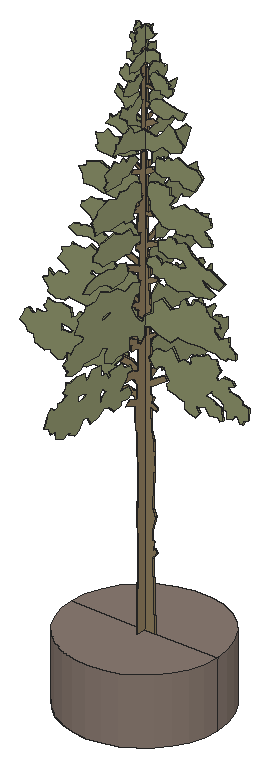
Revit family "L-PLT_소나무(장송)", category 수목, Revit 2019
Family settings
  OmniClass 번호 = 23.40.05.00
  OmniClass 제목 = Plants and Planting Products
  작업 기준면 기반 = 아니오
  항상 수직 = 예
  로드될 때 보이드를 사용하여 절단 = 아니오
  렌더 모양 소스 = 패밀리 형상
  공유 = 아니오
Parameters (values of type "소나무(장송) H10.0 X 60R")
  한국산업규격KS = ""
  콘 높이 = 뿌리분 직경 / 4  # 272.5 mm
  조달청표준공사코드-세부공종 = "10161599224940"
  뿌리분 직경 = (24 mm + ((R / 10) - 3 mm) * 5) * 10  # 1090 mm
  뿌리분 높이 = 뿌리분 직경 / 2  # 545 mm
  높이 = 10000 mm
  건설정보분류체계-부위분류 = "E985"
  R = 200 mm
  LIM_INFO_주의사항 = "재배포, 재가공, 판매 금지"
  LIM_INFO_제작일 = "20211210"
  LIM_INFO_버전 = "2022_V01"
  LIM_INFO_PL_학명 = "Pinus densiflora Siebold & Zucc."
  LIM_INFO_PL_품명 = "소나무(장송)"
  LIM_INFO_PL_주당인정수량 = 0
  LIM_INFO_PL_수목단위 = "주"
  LIM_INFO_PL_규격 = "H10.0 X 60R"
  LIM_INFO_PL_구분 = "상록교목"
  LIM_INFO_PL_가격 = 0
  LIM_INFO_PL_Qty [instance] = 0
  LIM_INFO_PL_M2당수량 = 0
  KBIMS_식별-버전 = ""
  KBIMS_식별-bSK등록번호 = ""
  KBIMS_보급정보-저작자 = "림인포테크_MMJ"
  KBIMS_보급정보-보급코드 = ""
  H = 높이  # 10000 mm
Types (4, lengths in mm): name | 높이 | LIM_INFO_PL_규격 | H
  소나무(장송) H10.0 X 60R | 10000 | "H10.0 X 60R" | 10000
  소나무(장송) H10.0 X 45R | 10000 | "H10.0 X 45R" | 10000
  소나무(장송) 9.0H X 35R | 9000 | "9.0H X 35R" | 9000
  소나무(장송) 8.0H X 25R | 8000 | "8.0H X 25R" | 8000
Reference planes
  plane 1 "중심(앞/뒤)": y = 0
  plane 2: z = 0
  plane 3 "중심(왼쪽/오른쪽)": x = 0
  plane 4: x = 482.5
  plane 5: x = -607.5
  plane 6: z = -545
  plane 7: z = -817.5
  plane 8: z = 10000
  plane 9: x = -100
  plane 10: x = 100
Forms (mm)
  Revolve 1, solid, material "흙"
    sketch origin (0, 0, 0) x (1, 0, 0) y (0, 0, 1)
      loop
        line (0, 0) -> (-607.5, 0) -> (-607.5, -545) -> (0, -545) -> (0, 0)
      axis (0, 0) -> (0, -545)
    angle from 0 to 360
  Revolve 2, solid, material "흙"
    sketch origin (0, 0, 0) x (1, 0, 0) y (0, 0, 1)
      loop
        line (0, -545) -> (-607.5, -545) -> (0, -817.5) -> (0, -545)
      axis (0, -545) -> (0, -817.5)
    angle from 0 to 360
Dimensions and locks
  "뿌리분 직경": plane 4 to plane 5
  "뿌리분 높이": plane 6 to level
  "콘 높이": plane 7 to plane 6
  "H": level to plane 8
  "R": plane 9 to plane 10
  aligned and locked: level to plane 2
Automatic sketch dimensions
  Revolve 1 sketch curve to level = 0 mm  (x2)
  Revolve 1 sketch curve to plane 5 = 0 mm
  Revolve 1 sketch curve to plane 3 "중심(왼쪽/오른쪽)" = 0 mm  (x2)
  Revolve 1 sketch curve to plane 6 = 0 mm  (x2)
  Revolve 2 sketch curve to plane 5 = 0 mm
  Revolve 2 sketch curve to plane 3 "중심(왼쪽/오른쪽)" = 0 mm  (x2)
  Revolve 2 sketch curve to plane 7 = 0 mm  (x2)
  Revolve 2 sketch curve to plane 6 = 0 mm  (x2)
Nested families
  nested 1: "금강형_base" at (0, 0, 0), type "금강형_base"
Definition of nested family "금강형_base"
  Parameters (values of type "금강형_base")
    Height = 6000 mm
  Reference planes
    plane 1 "중심(앞/뒤)": y = 0
    plane 2: z = 0
    plane 3 "중심(왼쪽/오른쪽)": x = 0
  Forms (mm)
    Revolve 1, solid, detail levels coarse
      sketch origin (0, 0, 0) x (1, 0, 0) y (0, 0, 1)
        loop
          line (0, 0) -> (0, 4507.19) -> (-951.501, 2152.143) -> (-688.141, 1776.027) -> (-75, 1776.027) -> (-75, 0) -> (0, 0)
        axis (0, 4507.19) -> (0, 0)
      angle from 0 to 360
    Extrusion 2, solid, detail levels fine
      sketch origin (4219.463, 0, 85.921) x (1, 0, 0) y (0, 0, 1)
        loop
          line (-4270.74, 4235.191) -> (-4238.475, 4257.205) -> (-4201.602, 4259.765) -> (-4192.384, 4313.519) -> (-4147.316, 4343.212) -> (-4120.173, 4383.655) -> (-4139.634, 4376.488) -> (-4168.826, 4410.276) -> (-4205.695, 4421.675) -> (-4229.769, 4398.501) -> (-4255.888, 4425.634) -> (-4290.201, 4424.611) -> (-4279.446, 4386.215) -> (-4296.346, 4386.215) -> (-4303.516, 4357.546) -> (-4286.616, 4326.829) -> (-4328.098, 4326.829) -> (-4337.829, 4289.457) -> (-4318.88, 4276.147) -> (-4311.71, 4244.918) -> (-4270.74, 4235.191)
        loop
          line (-4359.855, 4122.928) -> (-4339.37, 4122.928) -> (-4312.227, 4109.106) -> (-4266.647, 4109.106) -> (-4210.313, 4143.406) -> (-4169.342, 4143.406) -> (-4140.151, 4185.897) -> (-4090.986, 4185.897) -> (-4090.986, 4243.747) -> (-4146.809, 4260.641) -> (-4183.682, 4240.163) -> (-4211.849, 4240.163) -> (-4237.968, 4213.03) -> (-4285.596, 4213.542) -> (-4305.569, 4200.744) -> (-4359.855, 4168.491) -> (-4359.855, 4122.928)
        loop
          line (-4421.975, 3983.882) -> (-4376.123, 3952.816) -> (-4278.815, 3952.816) -> (-4270.154, 3984.392) -> (-4227.869, 4031.245) -> (-4244.681, 4071.478) -> (-4283.91, 4071.478) -> (-4300.722, 4042.449) -> (-4339.951, 4052.635) -> (-4370.519, 4073.006) -> (-4394.463, 4027.68) -> (-4412.804, 4027.68) -> (-4421.975, 3983.882)
        loop
          line (-4143.807, 4087.775) -> (-4172.119, 4037.366) -> (-4147.883, 4000.179) -> (-4125.976, 3966.567) -> (-4077.067, 3973.187) -> (-4077.067, 3952.307) -> (-4018.988, 3942.631) -> (-3982.307, 3977.771) -> (-3976.703, 4015.73) -> (-4015.223, 4015.73) -> (-4003.704, 4035.319) -> (-4029.687, 4050.598) -> (-4039.367, 4082.682) -> (-4092.351, 4089.303) -> (-4117.315, 4106.109) -> (-4143.807, 4087.775)
        loop
          line (-4157.8, 3874.419) -> (-4173.752, 3822.026) -> (-4138.431, 3787.857) -> (-4066.649, 3771.911) -> (-4008.54, 3792.413) -> (-3977.776, 3823.165) -> (-3935.619, 3811.775) -> (-3893.462, 3820.887) -> (-3869.534, 3875.558) -> (-3932.201, 3875.558) -> (-3976.637, 3892.643) -> (-4014.237, 3892.643) -> (-4071.207, 3908.588) -> (-4117.922, 3902.893) -> (-4157.8, 3874.419)
        loop
          line (-4383.4, 3865.307) -> (-4434.673, 3901.754) -> (-4464.297, 3836.833) -> (-4383.4, 3776.467) -> (-4381.121, 3741.159) -> (-4312.758, 3721.796) -> (-4251.23, 3680.793) -> (-4240.976, 3711.545) -> (-4301.364, 3753.687) -> (-4296.806, 3788.996) -> (-4254.649, 3810.636) -> (-4234.14, 3850.5) -> (-4251.23, 3905.171) -> (-4295.667, 3892.643) -> (-4337.824, 3850.5) -> (-4348.079, 3876.697) -> (-4383.4, 3865.307)
        loop
          line (-4326.754, 3688.929) -> (-4352.838, 3717.118) -> (-4394.431, 3695.272) -> (-4431.089, 3695.272) -> (-4436.024, 3674.13) -> (-4479.027, 3644.532) -> (-4500.176, 3653.694) -> (-4500.221, 3619.638) -> (-4535.13, 3575.737) -> (-4454.052, 3575.737) -> (-4407.882, 3549.846) -> (-4347.073, 3549.846) -> (-4277.255, 3513.824) -> (-4208.564, 3498.065) -> (-4136.494, 3498.065) -> (-4066.676, 3559.977) -> (-3999.111, 3537.464) -> (-3906.772, 3575.737) -> (-3888.754, 3628.644) -> (-3939.428, 3668.043) -> (-3965.545, 3719.194) -> (-4016.002, 3745.715) -> (-4050.911, 3679.3) -> (-4104.964, 3626.393) -> (-4135.708, 3618.458) -> (-4196.335, 3640.304) -> (-4324.639, 3656.513) -> (-4326.754, 3688.929)
        loop
          line (-4424.755, 3512.238) -> (-4465.525, 3495.975) -> (-4522.657, 3537.408) -> (-4550.447, 3499.09) -> (-4620.117, 3475.818) -> (-4592.111, 3404.149) -> (-4623.478, 3381.753) -> (-4605.554, 3348.158) -> (-4461.044, 3343.679) -> (-4446.481, 3375.034) -> (-4388.23, 3373.914) -> (-4318.775, 3418.707) -> (-4269.485, 3441.103) -> (-4312.054, 3490.375) -> (-4359.104, 3504.933) -> (-4396.071, 3475.818) -> (-4424.755, 3512.238)
        loop
          line (-4109.293, 3469.099) -> (-4123.855, 3428.785) -> (-4123.855, 3353.757) -> (-4074.221, 3337.593) -> (-4011.194, 3360.966) -> (-4000.63, 3332.481) -> (-3931.176, 3358.237) -> (-3886.367, 3321.282) -> (-3795.628, 3321.282) -> (-3727.294, 3438.864) -> (-3769.863, 3483.657) -> (-3860.602, 3483.657) -> (-3937.897, 3526.21) -> (-3977.105, 3489.256) -> (-4024.155, 3499.334) -> (-4038.718, 3469.099) -> (-4109.293, 3469.099)
        loop
          line (-4384.463, 3265.172) -> (-4457.821, 3280.728) -> (-4494.501, 3239.617) -> (-4574.528, 3276.283) -> (-4693.458, 3239.617) -> (-4699.016, 3209.618) -> (-4757.925, 3178.507) -> (-4726.803, 3128.508) -> (-4716.8, 3067.398) -> (-4645.664, 3066.287) -> (-4573.417, 3047.399) -> (-4434.48, 3049.621) -> (-4400.024, 3021.844) -> (-4315.55, 3022.955) -> (-4335.557, 3051.843) -> (-4304.435, 3129.619) -> (-4234.411, 3132.953) -> (-4253.307, 3171.841) -> (-4252.195, 3252.95) -> (-4306.658, 3289.616) -> (-4350.007, 3289.616) -> (-4384.463, 3265.172)
        loop
          line (-4171.618, 3256.907) -> (-4187.199, 3216.855) -> (-4186.086, 3157.891) -> (-4163.827, 3124.514) -> (-4162.714, 3058.875) -> (-4090.373, 2999.91) -> (-4071.453, 2974.322) -> (-4024.709, 2964.309) -> (-3957.932, 2980.997) -> (-3949.029, 2954.296) -> (-3875.574, 2956.521) -> (-3857.767, 2983.222) -> (-3817.701, 2997.685) -> (-3804.346, 2967.646) -> (-3740.908, 2933.158) -> (-3654.098, 2959.858) -> (-3663.002, 3005.473) -> (-3721.988, 3048.862) -> (-3659.663, 3101.151) -> (-3671.906, 3162.341) -> (-3750.925, 3167.904) -> (-3793.217, 3192.379) -> (-3839.96, 3171.241) -> (-3886.704, 3191.267) -> (-3979.078, 3135.64) -> (-4005.789, 3151.215) -> (-3959.045, 3220.193) -> (-4002.62, 3226.673) -> (-4003.563, 3281.383) -> (-4068.114, 3280.27) -> (-4113.745, 3286.945) -> (-4171.618, 3256.907)
        loop
          line (-4326.819, 2909.674) -> (-4354.246, 2959.025) -> (-4450.79, 2959.025) -> (-4521.003, 3002.893) -> (-4612.061, 2982.056) -> (-4659.236, 2982.056) -> (-4699.828, 2938.188) -> (-4739.323, 2920.641) -> (-4741.518, 2884.451) -> (-4671.304, 2842.776) -> (-4641.683, 2807.682) -> (-4539.654, 2807.682) -> (-4500.159, 2787.942) -> (-4413.489, 2792.329) -> (-4363.023, 2778.072) -> (-4318.042, 2818.649) -> (-4263.188, 2836.196) -> (-4263.188, 2871.29) -> (-4326.819, 2909.674)
        loop
          line (-4039.911, 2874.462) -> (-4094.551, 2864.63) -> (-4094.551, 2776.145) -> (-4060.675, 2776.145) -> (-4023.519, 2753.205) -> (-3961.23, 2777.238) -> (-3896.755, 2777.238) -> (-3865.063, 2723.71) -> (-3925.167, 2709.509) -> (-3966.694, 2719.34) -> (-4037.726, 2714.971) -> (-4068.324, 2684.383) -> (-4077.067, 2712.786) -> (-4118.593, 2731.357) -> (-4181.975, 2698.585) -> (-4196.182, 2647.242) -> (-4148.099, 2629.763) -> (-4148.099, 2586.067) -> (-4098.923, 2575.143) -> (-4055.211, 2590.437) -> (-4022.427, 2550.018) -> (-3927.353, 2531.447) -> (-3850.857, 2568.589) -> (-3791.846, 2542.371) -> (-3722.999, 2558.757) -> (-3666.174, 2564.219) -> (-3625.74, 2606.823) -> (-3704.422, 2645.057) -> (-3741.577, 2695.307) -> (-3659.617, 2659.258) -> (-3597.327, 2652.704) -> (-3543.78, 2719.34) -> (-3665.081, 2783.792) -> (-3708.793, 2769.591) -> (-3818.073, 2849.336) -> (-3857.414, 2899.587) -> (-3886.919, 2909.419) -> (-3943.745, 2884.293) -> (-3966.694, 2913.788) -> (-4013.684, 2912.696) -> (-4039.911, 2874.462)
        loop
          line (-4584.982, 2758.035) -> (-4706.125, 2758.035) -> (-4804.348, 2738.398) -> (-4842.547, 2691.486) -> (-4774.881, 2656.574) -> (-4679.932, 2676.212) -> (-4606.809, 2659.847) -> (-4551.149, 2605.298) -> (-4439.829, 2605.298) -> (-4385.26, 2640.21) -> (-4400.54, 2726.397) -> (-4464.931, 2749.307) -> (-4521.682, 2734.034) -> (-4584.982, 2758.035)
        loop
          line (-4405.583, 2515.54) -> (-4490.148, 2574.111) -> (-4571.34, 2581.018) -> (-4661.168, 2627.643) -> (-4704.355, 2579.291) -> (-4764.817, 2577.564) -> (-4816.641, 2587.925) -> (-4828.734, 2549.935) -> (-4899.56, 2524.032) -> (-4890.923, 2491.222) -> (-4932.382, 2430.782) -> (-4877.103, 2397.972) -> (-4837.371, 2365.162) -> (-4854.646, 2339.259) -> (-4930.655, 2337.533) -> (-4966.932, 2296.088) -> (-5010.118, 2325.445) -> (-5010.118, 2271.912) -> (-5056.76, 2249.463) -> (-5011.846, 2187.297) -> (-5018.756, 2159.667) -> (-4953.112, 2130.311) -> (-4873.648, 2140.672) -> (-4844.281, 2171.755) -> (-4680.171, 2159.667) -> (-4640.439, 2204.565) -> (-4583.432, 2176.936) -> (-4619.709, 2138.945) -> (-4619.709, 2081.959) -> (-4554.065, 2042.242) -> (-4486.693, 2066.417) -> (-4370.953, 2059.51) -> (-4374.189, 2159.055) -> (-4332.89, 2159.732) -> (-4278.051, 2125.216) -> (-4268.573, 2094.085) -> (-4238.784, 2082.579) -> (-4213.057, 2114.388) -> (-4214.411, 2176.652) -> (-4171.759, 2191.541) -> (-4103.379, 2154.318) -> (-3998.396, 2128.642) -> (-3935.426, 2188.333) -> (-3852.913, 2177.48) -> (-3744.344, 2189.418) -> (-3691.145, 2173.139) -> (-3618.403, 2176.395) -> (-3583.661, 2154.689) -> (-3536.976, 2156.859) -> (-3526.119, 2177.48) -> (-3452.292, 2187.248) -> (-3455.549, 2227.404) -> (-3508.748, 2266.475) -> (-3514.177, 2331.593) -> (-3586.918, 2296.863) -> (-3632.517, 2339.19) -> (-3629.26, 2371.749) -> (-3583.661, 2375.005) -> (-3601.032, 2416.246) -> (-3684.631, 2437.952) -> (-3725.887, 2510.667) -> (-3791.029, 2513.923) -> (-3807.314, 2470.511) -> (-3851.828, 2465.085) -> (-3873.541, 2497.644) -> (-3912.626, 2463.999) -> (-3918.055, 2417.331) -> (-3996.225, 2376.09) -> (-4062.452, 2435.781) -> (-4135.194, 2375.005) -> (-4136.721, 2301.011) -> (-4211.05, 2252.553) -> (-4225.054, 2209.48) -> (-4301.593, 2288.061) -> (-4353.588, 2375.812) -> (-4312.397, 2443.314) -> (-4267.155, 2449.389) -> (-4262.428, 2519.59) -> (-4326.578, 2547.941) -> (-4405.583, 2515.54)
        loop
          line (-4562.546, 2442.921) -> (-4617.615, 2429.709) -> (-4647.353, 2441.82) -> (-4658.321, 2414.889) -> (-4622.153, 2400.159) -> (-4560.343, 2419.801) -> (-4562.546, 2442.921)
        loop
          line (-4107.089, 2041.82) -> (-4147.864, 2010.713) -> (-4147.864, 1982.825) -> (-4167.178, 1951.719) -> (-4131.769, 1895.942) -> (-4109.235, 1895.942) -> (-4090.994, 1922.758) -> (-4044.854, 1921.685) -> (-4037.343, 1884.143) -> (-4003.006, 1839.092) -> (-4029.832, 1810.131) -> (-4023.394, 1766.154) -> (-3954.72, 1752.209) -> (-3919.311, 1735.047) -> (-3883.901, 1729.684) -> (-3882.828, 1677.125) -> (-3838.834, 1656.745) -> (-3787.329, 1646.019) -> (-3755.139, 1686.779) -> (-3776.599, 1729.684) -> (-3710.072, 1755.427) -> (-3699.341, 1723.248) -> (-3670.37, 1701.796) -> (-3609.208, 1705.014) -> (-3592.039, 1681.416) -> (-3563.068, 1698.578) -> (-3573.798, 1790.824) -> (-3613.5, 1801.55) -> (-3640.325, 1823.003) -> (-3698.268, 1834.802) -> (-3656.421, 1883.07) -> (-3644.617, 1864.836) -> (-3593.112, 1848.746) -> (-3556.63, 1818.712) -> (-3557.703, 1780.098) -> (-3535.169, 1779.025) -> (-3531.95, 1725.394) -> (-3484.737, 1731.829) -> (-3456.839, 1769.371) -> (-3440.744, 1767.226) -> (-3426.794, 1726.466) -> (-3397.823, 1726.466) -> (-3389.239, 1754.355) -> (-3349.537, 1777.952) -> (-3346.318, 1863.763) -> (-3401.042, 1878.78) -> (-3402.115, 1898.087) -> (-3446.109, 1924.903) -> (-3508.344, 1934.557) -> (-3515.855, 1966.735) -> (-3464.35, 1990.333) -> (-3477.226, 2017.149) -> (-3553.411, 2025.73) -> (-3600.624, 1982.825) -> (-3617.792, 2002.132) -> (-3579.163, 2061.127) -> (-3601.697, 2085.797) -> (-3616.719, 2131.921) -> (-3658.567, 2119.049) -> (-3692.903, 2143.719) -> (-3726.167, 2119.049) -> (-3783.037, 2108.323) -> (-3828.104, 2078.289) -> (-3825.958, 2026.803) -> (-3891.412, 2038.602) -> (-3927.895, 2007.495) -> (-3976.181, 2101.887) -> (-4037.343, 2043.965) -> (-4107.089, 2041.82)
        loop
          line (-4449.894, 1996.747) -> (-4573.232, 1996.747) -> (-4556.22, 1948.917) -> (-4577.485, 1943.603) -> (-4613.636, 1996.747) -> (-4648.724, 1994.621) -> (-4667.863, 2011.627) -> (-4668.926, 2082.84) -> (-4755.051, 2090.28) -> (-4790.138, 2040.325) -> (-4818.847, 2035.01) -> (-4826.289, 2092.406) -> (-4904.971, 2104.097) -> (-4967.704, 2089.217) -> (-5019.804, 2104.097) -> (-5024.057, 2064.771) -> (-5050.638, 2043.513) -> (-5018.74, 2008.438) -> (-5059.144, 1983.992) -> (-5109.118, 1990.369) -> (-5109.118, 1960.609) -> (-5142.079, 1955.294) -> (-5173.977, 1983.992) -> (-5212.255, 1953.169) -> (-5215.444, 1924.471) -> (-5249.469, 1866.013) -> (-5202.685, 1836.252) -> (-5186.736, 1797.988) -> (-5135.7, 1793.737) -> (-5130.383, 1738.467) -> (-5045.322, 1706.581) -> (-4995.349, 1736.341) -> (-4991.095, 1710.832) -> (-4937.932, 1678.946) -> (-4890.085, 1693.826) -> (-4849.681, 1755.473) -> (-4801.834, 1755.473) -> (-4773.126, 1691.701) -> (-4695.508, 1703.392) -> (-4638.091, 1750.159) -> (-4590.245, 1737.404) -> (-4524.322, 1678.946) -> (-4454.147, 1686.386) -> (-4454.147, 1716.147) -> (-4388.224, 1711.895) -> (-4337.187, 1734.216) -> (-4377.592, 1795.863) -> (-4462.653, 1800.114) -> (-4394.604, 1877.704) -> (-4393.54, 1904.276) -> (-4345.694, 1911.716) -> (-4357.389, 1946.791) -> (-4420.122, 1959.546) -> (-4449.894, 1996.747)
        loop
          line (-4840.094, 1908.643) -> (-4798.355, 1932.179) -> (-4842.234, 1951.436) -> (-4904.307, 1955.715) -> (-4902.167, 1908.643) -> (-4840.094, 1908.643)
        loop
          line (-4678.183, 1868.745) -> (-4678.189, 1794.865) -> (-4661.104, 1788.717) -> (-4643.579, 1837.414) -> (-4610.934, 1857.008) -> (-4639.755, 1905.025) -> (-4678.183, 1868.745)
      from 0 to 5
    Extrusion 3, solid, detail levels fine
      sketch origin (4219.463, 0, 85.921) x (1, 0, 0) y (0, 0, 1)
        loop
          line (-4228.498, 4230.116) -> (-4217.564, 4244.963) -> (-4193.842, 4244.963) -> (-4203.537, 4255.686) -> (-4229.323, 4254.243) -> (-4228.498, 4230.116)
        loop
          line (-4210.751, 4132.543) -> (-4239.959, 4114.816) -> (-4239.437, 4079.362) -> (-4218.574, 4027.745) -> (-4238.937, 4007.412) -> (-4238.937, 3902.436) -> (-4227.505, 3847.087) -> (-4236.33, 3824.229) -> (-4236.33, 3653.737) -> (-4185.216, 3647.481) -> (-4186.256, 3670.469) -> (-4108.77, 3724.396) -> (-4149.965, 3739.43) -> (-4195.083, 3715.898) -> (-4196.147, 3810.329) -> (-4172.155, 3809.287) -> (-4179.457, 3822.843) -> (-4169.025, 3854.125) -> (-4195.625, 3857.775) -> (-4194.582, 3960.487) -> (-4132.515, 3966.222) -> (-4151.292, 3989.163) -> (-4195.625, 3989.685) -> (-4193.539, 4109.602) -> (-4210.751, 4132.543)
        loop
          line (-4256.358, 3280.331) -> (-4243.991, 3263.848) -> (-4244.818, 3180.49) -> (-4230.802, 3152.467) -> (-4229.153, 3122.797) -> (-4259.659, 3121.148) -> (-4257.186, 3089.829) -> (-4304.181, 3097.247) -> (-4314.075, 3065.928) -> (-4272.026, 3045.323) -> (-4276.149, 2905.211) -> (-4252.239, 2886.255) -> (-4253.067, 2800.285) -> (-4290.994, 2815.121) -> (-4299.239, 2785.45) -> (-4257.19, 2743.416) -> (-4258.014, 2649.459) -> (-4382.512, 2707.976) -> (-4376.741, 2660.997) -> (-4265.346, 2597.712) -> (-4268.954, 2557.004) -> (-4251.427, 2532.27) -> (-4255.036, 2449.308) -> (-4262.253, 2436.941) -> (-4261.413, 2371.808) -> (-4314.521, 2403.661) -> (-4332.566, 2375.726) -> (-4274.256, 2320.721) -> (-4274.256, 2278.852) -> (-4238.12, 2249.297) -> (-4165.849, 2299.376) -> (-4177.917, 2503.467) -> (-4085.8, 2559.879) -> (-4129.784, 2568.175) -> (-4178.747, 2545.776) -> (-4178.408, 2622.79) -> (-4208.167, 2644.275) -> (-4186.675, 2715.34) -> (-4188.328, 2764.92) -> (-4106.49, 2808.717) -> (-4105.664, 2850.034) -> (-4189.155, 2809.543) -> (-4194.951, 3006.517) -> (-4135.433, 3019.738) -> (-4156.926, 3045.355) -> (-4193.298, 3041.223) -> (-4194.124, 3309.784) -> (-4142.046, 3347.796) -> (-4145.353, 3387.46) -> (-4194.124, 3364.323) -> (-4196.604, 3475.879) -> (-4242.07, 3483.316) -> (-4242.896, 3355.233) -> (-4321.427, 3388.286) -> (-4339.613, 3366.802) -> (-4257.776, 3323.005) -> (-4256.358, 3280.331)
        loop
          line (-4289.175, 2106.076) -> (-4337.388, 2140.652) -> (-4359.399, 2138.556) -> (-4361.495, 2100.838) -> (-4346.821, 2088.265) -> (-4346.821, 2046.356) -> (-4294.416, 2043.212) -> (-4267.793, 2026.242) -> (-4271.116, 1860.616) -> (-4319.806, 1890.883) -> (-4386.91, 1896.61) -> (-4384.186, 1871.476) -> (-4409.201, 1839.801) -> (-4332.487, 1834.8) -> (-4282.457, 1773.118) -> (-4280.789, 1666.425) -> (-4357.503, 1689.764) -> (-4402.53, 1658.09) -> (-4297.466, 1618.08) -> (-4297.466, 1443.038) -> (-4277.454, 1408.029) -> (-4267.404, 957.224) -> (-4280.745, 743.838) -> (-4267.404, 582.132) -> (-4279.382, -85.921) -> (-4129.382, -85.921) -> (-4144.628, 473.164) -> (-4106.748, 521.549) -> (-4123.584, 549.949) -> (-4141.234, 539.29) -> (-4146.276, 675.385) -> (-4121.064, 782.916) -> (-4142.988, 847.448) -> (-4132.903, 1205.325) -> (-4136.265, 1344.78) -> (-4154.753, 1423.748) -> (-4159.058, 1586.425) -> (-4110.719, 1576.971) -> (-4107.567, 1600.081) -> (-4158.007, 1627.393) -> (-4164.313, 1743.995) -> (-4023.498, 1837.487) -> (-4043.465, 1869.001) -> (-4164.45, 1796.995) -> (-4165.498, 1916.437) -> (-4183.316, 1958.346) -> (-4161.305, 1983.492) -> (-4163.401, 2096.647) -> (-4112.044, 2143.795) -> (-4131.958, 2154.272) -> (-4170.738, 2132.27) -> (-4171.786, 2175.227) -> (-4199.037, 2167.893) -> (-4197.989, 2106.076) -> (-4237.818, 2057.881) -> (-4286.031, 2087.217) -> (-4289.175, 2106.076)
      from 0 to 5
    Extrusion 4, solid, detail levels fine
      sketch origin (-0.931, 4205.393, 85.921) x (0, 1, 0) y (0, 0, 1)
        loop
          line (-4270.74, 4235.191) -> (-4238.475, 4257.205) -> (-4201.602, 4259.765) -> (-4192.384, 4313.519) -> (-4147.316, 4343.212) -> (-4120.173, 4383.655) -> (-4139.634, 4376.488) -> (-4168.826, 4410.276) -> (-4205.695, 4421.675) -> (-4229.769, 4398.501) -> (-4255.888, 4425.634) -> (-4290.201, 4424.611) -> (-4279.446, 4386.215) -> (-4296.346, 4386.215) -> (-4303.516, 4357.546) -> (-4286.616, 4326.829) -> (-4328.098, 4326.829) -> (-4337.829, 4289.457) -> (-4318.88, 4276.147) -> (-4311.71, 4244.918) -> (-4270.74, 4235.191)
        loop
          line (-4359.855, 4122.928) -> (-4339.37, 4122.928) -> (-4312.227, 4109.106) -> (-4266.647, 4109.106) -> (-4210.313, 4143.406) -> (-4169.342, 4143.406) -> (-4140.151, 4185.897) -> (-4090.986, 4185.897) -> (-4090.986, 4243.747) -> (-4146.809, 4260.641) -> (-4183.682, 4240.163) -> (-4211.849, 4240.163) -> (-4237.968, 4213.03) -> (-4285.596, 4213.542) -> (-4305.569, 4200.744) -> (-4359.855, 4168.491) -> (-4359.855, 4122.928)
        loop
          line (-4421.975, 3983.882) -> (-4376.123, 3952.816) -> (-4278.815, 3952.816) -> (-4270.154, 3984.392) -> (-4227.869, 4031.245) -> (-4244.681, 4071.478) -> (-4283.91, 4071.478) -> (-4300.722, 4042.449) -> (-4339.951, 4052.635) -> (-4370.519, 4073.006) -> (-4394.463, 4027.68) -> (-4412.804, 4027.68) -> (-4421.975, 3983.882)
        loop
          line (-4143.807, 4087.775) -> (-4172.119, 4037.366) -> (-4147.883, 4000.179) -> (-4125.976, 3966.567) -> (-4077.067, 3973.187) -> (-4077.067, 3952.307) -> (-4018.988, 3942.631) -> (-3982.307, 3977.771) -> (-3976.703, 4015.73) -> (-4015.223, 4015.73) -> (-4003.704, 4035.319) -> (-4029.687, 4050.598) -> (-4039.367, 4082.682) -> (-4092.351, 4089.303) -> (-4117.315, 4106.109) -> (-4143.807, 4087.775)
        loop
          line (-4157.8, 3874.419) -> (-4173.752, 3822.026) -> (-4138.431, 3787.857) -> (-4066.649, 3771.911) -> (-4008.54, 3792.413) -> (-3977.776, 3823.165) -> (-3935.619, 3811.775) -> (-3893.462, 3820.887) -> (-3869.534, 3875.558) -> (-3932.201, 3875.558) -> (-3976.637, 3892.643) -> (-4014.237, 3892.643) -> (-4071.207, 3908.588) -> (-4117.922, 3902.893) -> (-4157.8, 3874.419)
        loop
          line (-4383.4, 3865.307) -> (-4434.673, 3901.754) -> (-4464.297, 3836.833) -> (-4383.4, 3776.467) -> (-4381.121, 3741.159) -> (-4312.758, 3721.796) -> (-4251.23, 3680.793) -> (-4240.976, 3711.545) -> (-4301.364, 3753.687) -> (-4296.806, 3788.996) -> (-4254.649, 3810.636) -> (-4234.14, 3850.5) -> (-4251.23, 3905.171) -> (-4295.667, 3892.643) -> (-4337.824, 3850.5) -> (-4348.079, 3876.697) -> (-4383.4, 3865.307)
        loop
          line (-4326.754, 3688.929) -> (-4352.838, 3717.118) -> (-4394.431, 3695.272) -> (-4431.089, 3695.272) -> (-4436.024, 3674.13) -> (-4479.027, 3644.532) -> (-4500.176, 3653.694) -> (-4500.221, 3619.638) -> (-4535.13, 3575.737) -> (-4454.052, 3575.737) -> (-4407.882, 3549.846) -> (-4347.073, 3549.846) -> (-4277.255, 3513.824) -> (-4208.564, 3498.065) -> (-4136.494, 3498.065) -> (-4066.676, 3559.977) -> (-3999.111, 3537.464) -> (-3906.772, 3575.737) -> (-3888.754, 3628.644) -> (-3939.428, 3668.043) -> (-3965.545, 3719.194) -> (-4016.002, 3745.715) -> (-4050.911, 3679.3) -> (-4104.964, 3626.393) -> (-4135.708, 3618.458) -> (-4196.335, 3640.304) -> (-4324.639, 3656.513) -> (-4326.754, 3688.929)
        loop
          line (-4424.755, 3512.238) -> (-4465.525, 3495.975) -> (-4522.657, 3537.408) -> (-4550.447, 3499.09) -> (-4620.117, 3475.818) -> (-4592.111, 3404.149) -> (-4623.478, 3381.753) -> (-4605.554, 3348.158) -> (-4461.044, 3343.679) -> (-4446.481, 3375.034) -> (-4388.23, 3373.914) -> (-4318.775, 3418.707) -> (-4269.485, 3441.103) -> (-4312.054, 3490.375) -> (-4359.104, 3504.933) -> (-4396.071, 3475.818) -> (-4424.755, 3512.238)
        loop
          line (-4109.293, 3469.099) -> (-4123.855, 3428.785) -> (-4123.855, 3353.757) -> (-4074.221, 3337.593) -> (-4011.194, 3360.966) -> (-4000.63, 3332.481) -> (-3931.176, 3358.237) -> (-3886.367, 3321.282) -> (-3795.628, 3321.282) -> (-3727.294, 3438.864) -> (-3769.863, 3483.657) -> (-3860.602, 3483.657) -> (-3937.897, 3526.21) -> (-3977.105, 3489.256) -> (-4024.155, 3499.334) -> (-4038.718, 3469.099) -> (-4109.293, 3469.099)
        loop
          line (-4384.463, 3265.172) -> (-4457.821, 3280.728) -> (-4494.501, 3239.617) -> (-4574.528, 3276.283) -> (-4693.458, 3239.617) -> (-4699.016, 3209.618) -> (-4757.925, 3178.507) -> (-4726.803, 3128.508) -> (-4716.8, 3067.398) -> (-4645.664, 3066.287) -> (-4573.417, 3047.399) -> (-4434.48, 3049.621) -> (-4400.024, 3021.844) -> (-4315.55, 3022.955) -> (-4335.557, 3051.843) -> (-4304.435, 3129.619) -> (-4234.411, 3132.953) -> (-4253.307, 3171.841) -> (-4252.195, 3252.95) -> (-4306.658, 3289.616) -> (-4350.007, 3289.616) -> (-4384.463, 3265.172)
        loop
          line (-4171.618, 3256.907) -> (-4187.199, 3216.855) -> (-4186.086, 3157.891) -> (-4163.827, 3124.514) -> (-4162.714, 3058.875) -> (-4090.373, 2999.91) -> (-4071.453, 2974.322) -> (-4024.709, 2964.309) -> (-3957.932, 2980.997) -> (-3949.029, 2954.296) -> (-3875.574, 2956.521) -> (-3857.767, 2983.222) -> (-3817.701, 2997.685) -> (-3804.346, 2967.646) -> (-3740.908, 2933.158) -> (-3654.098, 2959.858) -> (-3663.002, 3005.473) -> (-3721.988, 3048.862) -> (-3659.663, 3101.151) -> (-3671.906, 3162.341) -> (-3750.925, 3167.904) -> (-3793.217, 3192.379) -> (-3839.96, 3171.241) -> (-3886.704, 3191.267) -> (-3979.078, 3135.64) -> (-4005.789, 3151.215) -> (-3959.045, 3220.193) -> (-4002.62, 3226.673) -> (-4003.563, 3281.383) -> (-4068.114, 3280.27) -> (-4113.745, 3286.945) -> (-4171.618, 3256.907)
        loop
          line (-4326.819, 2909.674) -> (-4354.246, 2959.025) -> (-4450.79, 2959.025) -> (-4521.003, 3002.893) -> (-4612.061, 2982.056) -> (-4659.236, 2982.056) -> (-4699.828, 2938.188) -> (-4739.323, 2920.641) -> (-4741.518, 2884.451) -> (-4671.304, 2842.776) -> (-4641.683, 2807.682) -> (-4539.654, 2807.682) -> (-4500.159, 2787.942) -> (-4413.489, 2792.329) -> (-4363.023, 2778.072) -> (-4318.042, 2818.649) -> (-4263.188, 2836.196) -> (-4263.188, 2871.29) -> (-4326.819, 2909.674)
        loop
          line (-4039.911, 2874.462) -> (-4094.551, 2864.63) -> (-4094.551, 2776.145) -> (-4060.675, 2776.145) -> (-4023.519, 2753.205) -> (-3961.23, 2777.238) -> (-3896.755, 2777.238) -> (-3865.063, 2723.71) -> (-3925.167, 2709.509) -> (-3966.694, 2719.34) -> (-4037.726, 2714.971) -> (-4068.324, 2684.383) -> (-4077.067, 2712.786) -> (-4118.593, 2731.357) -> (-4181.975, 2698.585) -> (-4196.182, 2647.242) -> (-4148.099, 2629.763) -> (-4148.099, 2586.067) -> (-4098.923, 2575.143) -> (-4055.211, 2590.437) -> (-4022.427, 2550.018) -> (-3927.353, 2531.447) -> (-3850.857, 2568.589) -> (-3791.846, 2542.371) -> (-3722.999, 2558.757) -> (-3666.174, 2564.219) -> (-3625.74, 2606.823) -> (-3704.422, 2645.057) -> (-3741.577, 2695.307) -> (-3659.617, 2659.258) -> (-3597.327, 2652.704) -> (-3543.78, 2719.34) -> (-3665.081, 2783.792) -> (-3708.793, 2769.591) -> (-3818.073, 2849.336) -> (-3857.414, 2899.587) -> (-3886.919, 2909.419) -> (-3943.745, 2884.293) -> (-3966.694, 2913.788) -> (-4013.684, 2912.696) -> (-4039.911, 2874.462)
        loop
          line (-4584.982, 2758.035) -> (-4706.125, 2758.035) -> (-4804.348, 2738.398) -> (-4842.547, 2691.486) -> (-4774.881, 2656.574) -> (-4679.932, 2676.212) -> (-4606.809, 2659.847) -> (-4551.149, 2605.298) -> (-4439.829, 2605.298) -> (-4385.26, 2640.21) -> (-4400.54, 2726.397) -> (-4464.931, 2749.307) -> (-4521.682, 2734.034) -> (-4584.982, 2758.035)
        loop
          line (-4405.583, 2515.54) -> (-4490.148, 2574.111) -> (-4571.34, 2581.018) -> (-4661.168, 2627.643) -> (-4704.355, 2579.291) -> (-4764.817, 2577.564) -> (-4816.641, 2587.925) -> (-4828.734, 2549.935) -> (-4899.56, 2524.032) -> (-4890.923, 2491.222) -> (-4932.382, 2430.782) -> (-4877.103, 2397.972) -> (-4837.371, 2365.162) -> (-4854.646, 2339.259) -> (-4930.655, 2337.533) -> (-4966.932, 2296.088) -> (-5010.118, 2325.445) -> (-5010.118, 2271.912) -> (-5056.76, 2249.463) -> (-5011.846, 2187.297) -> (-5018.756, 2159.667) -> (-4953.112, 2130.311) -> (-4873.648, 2140.672) -> (-4844.281, 2171.755) -> (-4680.171, 2159.667) -> (-4640.439, 2204.565) -> (-4583.432, 2176.936) -> (-4619.709, 2138.945) -> (-4619.709, 2081.959) -> (-4554.065, 2042.242) -> (-4486.693, 2066.417) -> (-4370.953, 2059.51) -> (-4374.189, 2159.055) -> (-4332.89, 2159.732) -> (-4278.051, 2125.216) -> (-4268.573, 2094.085) -> (-4238.784, 2082.579) -> (-4213.057, 2114.388) -> (-4214.411, 2176.652) -> (-4171.759, 2191.541) -> (-4103.379, 2154.318) -> (-3998.396, 2128.642) -> (-3935.426, 2188.333) -> (-3852.913, 2177.48) -> (-3744.344, 2189.418) -> (-3691.145, 2173.139) -> (-3618.403, 2176.395) -> (-3583.661, 2154.689) -> (-3536.976, 2156.859) -> (-3526.119, 2177.48) -> (-3452.292, 2187.248) -> (-3455.549, 2227.404) -> (-3508.748, 2266.475) -> (-3514.177, 2331.593) -> (-3586.918, 2296.863) -> (-3632.517, 2339.19) -> (-3629.26, 2371.749) -> (-3583.661, 2375.005) -> (-3601.032, 2416.246) -> (-3684.631, 2437.952) -> (-3725.887, 2510.667) -> (-3791.029, 2513.923) -> (-3807.314, 2470.511) -> (-3851.828, 2465.085) -> (-3873.541, 2497.644) -> (-3912.626, 2463.999) -> (-3918.055, 2417.331) -> (-3996.225, 2376.09) -> (-4062.452, 2435.781) -> (-4135.194, 2375.005) -> (-4136.721, 2301.011) -> (-4211.05, 2252.553) -> (-4225.054, 2209.48) -> (-4301.593, 2288.061) -> (-4353.588, 2375.812) -> (-4312.397, 2443.314) -> (-4267.155, 2449.389) -> (-4262.428, 2519.59) -> (-4326.578, 2547.941) -> (-4405.583, 2515.54)
        loop
          line (-4562.546, 2442.921) -> (-4617.615, 2429.709) -> (-4647.353, 2441.82) -> (-4658.321, 2414.889) -> (-4622.153, 2400.159) -> (-4560.343, 2419.801) -> (-4562.546, 2442.921)
        loop
          line (-4107.089, 2041.82) -> (-4147.864, 2010.713) -> (-4147.864, 1982.825) -> (-4167.178, 1951.719) -> (-4131.769, 1895.942) -> (-4109.235, 1895.942) -> (-4090.994, 1922.758) -> (-4044.854, 1921.685) -> (-4037.343, 1884.143) -> (-4003.006, 1839.092) -> (-4029.832, 1810.131) -> (-4023.394, 1766.154) -> (-3954.72, 1752.209) -> (-3919.311, 1735.047) -> (-3883.901, 1729.684) -> (-3882.828, 1677.125) -> (-3838.834, 1656.745) -> (-3787.329, 1646.019) -> (-3755.139, 1686.779) -> (-3776.599, 1729.684) -> (-3710.072, 1755.427) -> (-3699.341, 1723.248) -> (-3670.37, 1701.796) -> (-3609.208, 1705.014) -> (-3592.039, 1681.416) -> (-3563.068, 1698.578) -> (-3573.798, 1790.824) -> (-3613.5, 1801.55) -> (-3640.325, 1823.003) -> (-3698.268, 1834.802) -> (-3656.421, 1883.07) -> (-3644.617, 1864.836) -> (-3593.112, 1848.746) -> (-3556.63, 1818.712) -> (-3557.703, 1780.098) -> (-3535.169, 1779.025) -> (-3531.95, 1725.394) -> (-3484.737, 1731.829) -> (-3456.839, 1769.371) -> (-3440.744, 1767.226) -> (-3426.794, 1726.466) -> (-3397.823, 1726.466) -> (-3389.239, 1754.355) -> (-3349.537, 1777.952) -> (-3346.318, 1863.763) -> (-3401.042, 1878.78) -> (-3402.115, 1898.087) -> (-3446.109, 1924.903) -> (-3508.344, 1934.557) -> (-3515.855, 1966.735) -> (-3464.35, 1990.333) -> (-3477.226, 2017.149) -> (-3553.411, 2025.73) -> (-3600.624, 1982.825) -> (-3617.792, 2002.132) -> (-3579.163, 2061.127) -> (-3601.697, 2085.797) -> (-3616.719, 2131.921) -> (-3658.567, 2119.049) -> (-3692.903, 2143.719) -> (-3726.167, 2119.049) -> (-3783.037, 2108.323) -> (-3828.104, 2078.289) -> (-3825.958, 2026.803) -> (-3891.412, 2038.602) -> (-3927.895, 2007.495) -> (-3976.181, 2101.887) -> (-4037.343, 2043.965) -> (-4107.089, 2041.82)
        loop
          line (-4449.894, 1996.747) -> (-4573.232, 1996.747) -> (-4556.22, 1948.917) -> (-4577.485, 1943.603) -> (-4613.636, 1996.747) -> (-4648.724, 1994.621) -> (-4667.863, 2011.627) -> (-4668.926, 2082.84) -> (-4755.051, 2090.28) -> (-4790.138, 2040.325) -> (-4818.847, 2035.01) -> (-4826.289, 2092.406) -> (-4904.971, 2104.097) -> (-4967.704, 2089.217) -> (-5019.804, 2104.097) -> (-5024.057, 2064.771) -> (-5050.638, 2043.513) -> (-5018.74, 2008.438) -> (-5059.144, 1983.992) -> (-5109.118, 1990.369) -> (-5109.118, 1960.609) -> (-5142.079, 1955.294) -> (-5173.977, 1983.992) -> (-5212.255, 1953.169) -> (-5215.444, 1924.471) -> (-5249.469, 1866.013) -> (-5202.685, 1836.252) -> (-5186.736, 1797.988) -> (-5135.7, 1793.737) -> (-5130.383, 1738.467) -> (-5045.322, 1706.581) -> (-4995.349, 1736.341) -> (-4991.095, 1710.832) -> (-4937.932, 1678.946) -> (-4890.085, 1693.826) -> (-4849.681, 1755.473) -> (-4801.834, 1755.473) -> (-4773.126, 1691.701) -> (-4695.508, 1703.392) -> (-4638.091, 1750.159) -> (-4590.245, 1737.404) -> (-4524.322, 1678.946) -> (-4454.147, 1686.386) -> (-4454.147, 1716.147) -> (-4388.224, 1711.895) -> (-4337.187, 1734.216) -> (-4377.592, 1795.863) -> (-4462.653, 1800.114) -> (-4394.604, 1877.704) -> (-4393.54, 1904.276) -> (-4345.694, 1911.716) -> (-4357.389, 1946.791) -> (-4420.122, 1959.546) -> (-4449.894, 1996.747)
        loop
          line (-4840.094, 1908.643) -> (-4798.355, 1932.179) -> (-4842.234, 1951.436) -> (-4904.307, 1955.715) -> (-4902.167, 1908.643) -> (-4840.094, 1908.643)
        loop
          line (-4678.183, 1868.745) -> (-4678.189, 1794.865) -> (-4661.104, 1788.717) -> (-4643.579, 1837.414) -> (-4610.934, 1857.008) -> (-4639.755, 1905.025) -> (-4678.183, 1868.745)
      from 0 to 5
    Extrusion 5, solid, detail levels fine
      sketch origin (-0.931, 4205.393, 85.921) x (0, 1, 0) y (0, 0, 1)
        loop
          line (-4228.498, 4230.116) -> (-4217.564, 4244.963) -> (-4193.842, 4244.963) -> (-4203.537, 4255.686) -> (-4229.323, 4254.243) -> (-4228.498, 4230.116)
        loop
          line (-4210.751, 4132.543) -> (-4239.959, 4114.816) -> (-4239.437, 4079.362) -> (-4218.574, 4027.745) -> (-4238.937, 4007.412) -> (-4238.937, 3902.436) -> (-4227.505, 3847.087) -> (-4236.33, 3824.229) -> (-4236.33, 3653.737) -> (-4185.216, 3647.481) -> (-4186.256, 3670.469) -> (-4108.77, 3724.396) -> (-4149.965, 3739.43) -> (-4195.083, 3715.898) -> (-4196.147, 3810.329) -> (-4172.155, 3809.287) -> (-4179.457, 3822.843) -> (-4169.025, 3854.125) -> (-4195.625, 3857.775) -> (-4194.582, 3960.487) -> (-4132.515, 3966.222) -> (-4151.292, 3989.163) -> (-4195.625, 3989.685) -> (-4193.539, 4109.602) -> (-4210.751, 4132.543)
        loop
          line (-4256.358, 3280.331) -> (-4243.991, 3263.848) -> (-4244.818, 3180.49) -> (-4230.802, 3152.467) -> (-4229.153, 3122.797) -> (-4259.659, 3121.148) -> (-4257.186, 3089.829) -> (-4304.181, 3097.247) -> (-4314.075, 3065.928) -> (-4272.026, 3045.323) -> (-4276.149, 2905.211) -> (-4252.239, 2886.255) -> (-4253.067, 2800.285) -> (-4290.994, 2815.121) -> (-4299.239, 2785.45) -> (-4257.19, 2743.416) -> (-4258.014, 2649.459) -> (-4382.512, 2707.976) -> (-4376.741, 2660.997) -> (-4265.346, 2597.712) -> (-4268.954, 2557.004) -> (-4251.427, 2532.27) -> (-4255.036, 2449.308) -> (-4262.253, 2436.941) -> (-4261.413, 2371.808) -> (-4314.521, 2403.661) -> (-4332.566, 2375.726) -> (-4274.256, 2320.721) -> (-4274.256, 2278.852) -> (-4238.12, 2249.297) -> (-4165.849, 2299.376) -> (-4177.917, 2503.467) -> (-4085.8, 2559.879) -> (-4129.784, 2568.175) -> (-4178.747, 2545.776) -> (-4178.408, 2622.79) -> (-4208.167, 2644.275) -> (-4186.675, 2715.34) -> (-4188.328, 2764.92) -> (-4106.49, 2808.717) -> (-4105.664, 2850.034) -> (-4189.155, 2809.543) -> (-4194.951, 3006.517) -> (-4135.433, 3019.738) -> (-4156.926, 3045.355) -> (-4193.298, 3041.223) -> (-4194.124, 3309.784) -> (-4142.046, 3347.796) -> (-4145.353, 3387.46) -> (-4194.124, 3364.323) -> (-4196.604, 3475.879) -> (-4242.07, 3483.316) -> (-4242.896, 3355.233) -> (-4321.427, 3388.286) -> (-4339.613, 3366.802) -> (-4257.776, 3323.005) -> (-4256.358, 3280.331)
        loop
          line (-4289.175, 2106.076) -> (-4337.388, 2140.652) -> (-4359.399, 2138.556) -> (-4361.495, 2100.838) -> (-4346.821, 2088.265) -> (-4346.821, 2046.356) -> (-4294.416, 2043.212) -> (-4267.793, 2026.242) -> (-4271.116, 1860.616) -> (-4319.806, 1890.883) -> (-4386.91, 1896.61) -> (-4384.186, 1871.476) -> (-4409.201, 1839.801) -> (-4332.487, 1834.8) -> (-4282.457, 1773.118) -> (-4280.789, 1666.425) -> (-4357.503, 1689.764) -> (-4402.53, 1658.09) -> (-4297.466, 1618.08) -> (-4297.466, 1443.038) -> (-4277.454, 1408.029) -> (-4267.404, 957.224) -> (-4280.745, 743.838) -> (-4267.404, 582.132) -> (-4279.382, -85.921) -> (-4129.382, -85.921) -> (-4144.628, 473.164) -> (-4106.748, 521.549) -> (-4123.584, 549.949) -> (-4141.234, 539.29) -> (-4146.276, 675.385) -> (-4121.064, 782.916) -> (-4142.988, 847.448) -> (-4132.903, 1205.325) -> (-4136.265, 1344.78) -> (-4154.753, 1423.748) -> (-4159.058, 1586.425) -> (-4110.719, 1576.971) -> (-4107.567, 1600.081) -> (-4158.007, 1627.393) -> (-4164.313, 1743.995) -> (-4023.498, 1837.487) -> (-4043.465, 1869.001) -> (-4164.45, 1796.995) -> (-4165.498, 1916.437) -> (-4183.316, 1958.346) -> (-4161.305, 1983.492) -> (-4163.401, 2096.647) -> (-4112.044, 2143.795) -> (-4131.958, 2154.272) -> (-4170.738, 2132.27) -> (-4171.786, 2175.227) -> (-4199.037, 2167.893) -> (-4197.989, 2106.076) -> (-4237.818, 2057.881) -> (-4286.031, 2087.217) -> (-4289.175, 2106.076)
      from 0 to 5
  Lines and regions (mm)
    symbolic lines
      curve 1: line (-845.107, -425.353, 0) -> (-887.916, -394.948, 0)
      curve 2: line (-887.916, -394.948, 0) -> (-944.987, -395.085, 0)
      curve 3: line (-944.987, -395.085, 0) -> (-972.678, -397.215, 0)
      curve 4: line (-972.678, -397.215, 0) -> (-901.552, -336.993, 0)
      curve 5: line (-901.552, -336.993, 0) -> (-884.81, -276.355, 0)
      curve 6: line (-884.81, -276.355, 0) -> (-877.825, -235.36, 0)
      curve 7: line (-877.825, -235.36, 0) -> (-966.647, -176.806, 0)
      curve 8: line (-966.647, -176.806, 0) -> (-1018.043, -173.464, 0)
      curve 9: line (-1018.043, -173.464, 0) -> (-952.077, -135.379, 0)
      curve 10: line (-952.077, -135.379, 0) -> (-929.943, -78.633, 0)
      curve 11: line (-929.943, -78.633, 0) -> (-953.793, -37.323, 0)
      curve 12: line (-953.793, -37.323, 0) -> (-1002.857, 0.219, 0)
      curve 13: line (-1002.857, 0.219, 0) -> (-1075.082, 30.026, 0)
      curve 14: line (-1075.082, 30.026, 0) -> (-1154.56, 54.263, 0)
      curve 15: line (-1154.56, 54.263, 0) -> (-1175.344, 32.533, 0)
      curve 16: line (-1175.344, 32.533, 0) -> (-1121.666, 25.034, 0)
      curve 17: line (-1121.666, 25.034, 0) -> (-1013.682, 47.907, 0)
      curve 18: line (-1013.682, 47.907, 0) -> (-945.324, 71.926, 0)
      curve 19: line (-945.324, 71.926, 0) -> (-900.078, 98.049, 0)
      curve 20: line (-900.078, 98.049, 0) -> (-883.521, 107.609, 0)
      curve 21: line (-883.521, 107.609, 0) -> (-889.582, 137.124, 0)
      curve 22: line (852.859, -248.097, 0) -> (0, 0, 0)
      curve 23: line (0, 0, 0) -> (803.548, -378.459, 0)
      curve 24: line (790.92, -519.208, 0) -> (785.993, -571.484, 0)
      curve 25: line (785.993, -571.484, 0) -> (814.647, -620.84, 0)
      curve 26: line (814.647, -620.84, 0) -> (830.337, -643.756, 0)
      curve 27: line (830.337, -643.756, 0) -> (742.62, -612.271, 0)
      curve 28: line (742.62, -612.271, 0) -> (681.736, -628.09, 0)
      curve 29: line (681.736, -628.09, 0) -> (642.74, -642.538, 0)
      curve 30: line (642.74, -642.538, 0) -> (636.441, -748.738, 0)
      curve 31: line (636.441, -748.738, 0) -> (659.245, -794.919, 0)
      curve 32: line (659.245, -794.919, 0) -> (593.28, -756.834, 0)
      curve 33: line (593.28, -756.834, 0) -> (533.069, -766.038, 0)
      curve 34: line (533.069, -766.038, 0) -> (509.219, -807.347, 0)
      curve 35: line (509.219, -807.347, 0) -> (501.239, -868.609, 0)
      curve 36: line (501.239, -868.609, 0) -> (511.537, -946.061, 0)
      curve 37: line (511.537, -946.061, 0) -> (530.287, -1027.01, 0)
      curve 38: line (530.287, -1027.01, 0) -> (559.497, -1034.145, 0)
      curve 39: line (559.497, -1034.145, 0) -> (539.153, -983.908, 0)
      curve 40: line (539.153, -983.908, 0) -> (465.352, -901.828, 0)
      curve 41: line (465.352, -901.828, 0) -> (410.372, -854.638, 0)
      curve 42: line (410.372, -854.638, 0) -> (365.126, -828.515, 0)
      curve 43: line (365.126, -828.515, 0) -> (348.568, -818.956, 0)
      curve 44: line (348.568, -818.956, 0) -> (326.038, -838.963, 0)
      curve 45: line (881.17, -111.626, 0) -> (0, 0, 0)
      curve 46: line (0, 0, 0) -> (872.537, 166.133, 0)
      curve 47: line (653.923, 682.822, 0) -> (711.107, 678.118, 0)
      curve 48: line (711.107, 678.118, 0) -> (753.926, 701.838, 0)
      curve 49: line (753.926, 701.838, 0) -> (730.076, 635.279, 0)
      curve 50: line (730.076, 635.279, 0) -> (730.076, 592.44, 0)
      curve 51: line (730.076, 592.44, 0) -> (773.033, 582.931, 0)
      curve 52: line (773.033, 582.931, 0) -> (830.078, 606.651, 0)
      curve 53: line (830.078, 606.651, 0) -> (806.368, 573.423, 0)
      curve 54: line (806.368, 573.423, 0) -> (792.002, 530.584, 0)
      curve 55: line (792.002, 530.584, 0) -> (806.368, 501.956, 0)
      curve 56: line (806.368, 501.956, 0) -> (849.186, 487.744, 0)
      curve 57: line (849.186, 487.744, 0) -> (825.336, 468.727, 0)
      curve 58: line (-778.494, -427.631, 0) -> (0, 0, 0)
      curve 59: line (0, 0, 0) -> (778.494, 427.631, 0)
      curve 60: line (-790.92, 519.208, 0) -> (-785.993, 571.484, 0)
      curve 61: line (-785.993, 571.484, 0) -> (-814.647, 620.84, 0)
      curve 62: line (-814.647, 620.84, 0) -> (-830.337, 643.756, 0)
      curve 63: line (-830.337, 643.756, 0) -> (-742.62, 612.271, 0)
      curve 64: line (-742.62, 612.271, 0) -> (-681.736, 628.09, 0)
      curve 65: line (-681.736, 628.09, 0) -> (-642.74, 642.538, 0)
      curve 66: line (-642.74, 642.538, 0) -> (-636.441, 748.738, 0)
      curve 67: line (-636.441, 748.738, 0) -> (-659.245, 794.919, 0)
      curve 68: line (-659.245, 794.919, 0) -> (-593.28, 756.834, 0)
      curve 69: line (-593.28, 756.834, 0) -> (-533.069, 766.038, 0)
      curve 70: line (-533.069, 766.038, 0) -> (-509.219, 807.347, 0)
      curve 71: line (-509.219, 807.347, 0) -> (-501.239, 868.609, 0)
      curve 72: line (-501.239, 868.609, 0) -> (-511.537, 946.061, 0)
      curve 73: line (-511.537, 946.061, 0) -> (-530.287, 1027.01, 0)
      curve 74: line (-530.287, 1027.01, 0) -> (-559.497, 1034.145, 0)
      curve 75: line (-559.497, 1034.145, 0) -> (-539.153, 983.908, 0)
      curve 76: line (-539.153, 983.908, 0) -> (-465.352, 901.828, 0)
      curve 77: line (-465.352, 901.828, 0) -> (-410.372, 854.638, 0)
      curve 78: line (-410.372, 854.638, 0) -> (-365.126, 828.515, 0)
      curve 79: line (-365.126, 828.515, 0) -> (-348.568, 818.956, 0)
      curve 80: line (-348.568, 818.956, 0) -> (-326.038, 838.963, 0)
      curve 81: line (-881.17, 111.626, 0) -> (0, 0, 0)
      curve 82: line (0, 0, 0) -> (-852.859, 248.097, 0)
      curve 83: line (-653.923, -682.822, 0) -> (-711.107, -678.118, 0)
      curve 84: line (-711.107, -678.118, 0) -> (-753.926, -701.838, 0)
      curve 85: line (-753.926, -701.838, 0) -> (-730.076, -635.279, 0)
      curve 86: line (-730.076, -635.279, 0) -> (-730.076, -592.44, 0)
      curve 87: line (-730.076, -592.44, 0) -> (-773.033, -582.931, 0)
      curve 88: line (-773.033, -582.931, 0) -> (-830.078, -606.651, 0)
      curve 89: line (-830.078, -606.651, 0) -> (-806.368, -573.423, 0)
      curve 90: line (-806.368, -573.423, 0) -> (-792.002, -530.584, 0)
      curve 91: line (-792.002, -530.584, 0) -> (-806.368, -501.956, 0)
      curve 92: line (-806.368, -501.956, 0) -> (-849.186, -487.744, 0)
      curve 93: line (-849.186, -487.744, 0) -> (-825.336, -468.727, 0)
      curve 94: line (-918.302, 224.903, 0) -> (-942.821, 276.778, 0)
      curve 95: line (-942.821, 276.778, 0) -> (-984.773, 301.999, 0)
      curve 96: line (-984.773, 301.999, 0) -> (-915.206, 314.625, 0)
      curve 97: line (-915.206, 314.625, 0) -> (-878.106, 336.044, 0)
      curve 98: line (-878.106, 336.044, 0) -> (-891.35, 378.001, 0)
      curve 99: line (-891.35, 378.001, 0) -> (-940.415, 415.543, 0)
      curve 100: line (-940.415, 415.543, 0) -> (-899.783, 411.623, 0)
      curve 101: line (-899.783, 411.623, 0) -> (-855.5, 420.602, 0)
      curve 102: line (-855.5, 420.602, 0) -> (-837.89, 447.357, 0)
      curve 103: line (-837.89, 447.357, 0) -> (-846.992, 491.545, 0)
      curve 104: line (-846.992, 491.545, 0) -> (-818.598, 480.398, 0)
      curve 105: line (378.459, 803.548, 0) -> (0, 0, 0)
      curve 106: line (0, 0, 0) -> (-166.133, 872.537, 0)
      curve 107: line (-27.593, 887.783, 0) -> (0, 0, 0)
      curve 108: line (0, 0, 0) -> (248.097, 852.859, 0)
      curve 109: line (54.187, 944.56, 0) -> (101.923, 966.432, 0)
      curve 110: line (101.923, 966.432, 0) -> (130.34, 1015.925, 0)
      curve 111: line (130.34, 1015.925, 0) -> (142.341, 1040.971, 0)
      curve 112: line (142.341, 1040.971, 0) -> (158.932, 949.264, 0)
      curve 113: line (158.932, 949.264, 0) -> (203.074, 904.445, 0)
      curve 114: line (203.074, 904.445, 0) -> (235.084, 877.899, 0)
      curve 115: line (235.084, 877.899, 0) -> (330.205, 925.543, 0)
      curve 116: line (330.205, 925.543, 0) -> (358.797, 968.383, 0)
      curve 117: line (358.797, 968.383, 0) -> (358.797, 892.213, 0)
      curve 118: line (358.797, 892.213, 0) -> (396.874, 844.67, 0)
      curve 119: line (396.874, 844.67, 0) -> (444.573, 844.67, 0)
      curve 120: line (444.573, 844.67, 0) -> (501.618, 868.39, 0)
      curve 121: line (501.618, 868.39, 0) -> (615.847, 1001.611, 0)
      curve 122: line (615.847, 1001.611, 0) -> (534.952, 782.712, 0)
      curve 123: line (534.952, 782.712, 0) -> (534.952, 730.466, 0)
      curve 124: line (534.952, 730.466, 0) -> (534.952, 711.347, 0)
      curve 125: line (534.952, 711.347, 0) -> (563.544, 701.838, 0)
      curve 126: line (-544.149, 702.013, 0) -> (0, 0, 0)
      curve 127: line (0, 0, 0) -> (-427.631, 778.494, 0)
      curve 128: line (-499.503, -734.451, 0) -> (0, 0, 0)
      curve 129: line (0, 0, 0) -> (-702.013, -544.149, 0)
      curve 130: line (-54.187, -944.56, 0) -> (-101.923, -966.432, 0)
      curve 131: line (-101.923, -966.432, 0) -> (-130.34, -1015.925, 0)
      curve 132: line (-130.34, -1015.925, 0) -> (-142.341, -1040.971, 0)
      curve 133: line (-142.341, -1040.971, 0) -> (-158.932, -949.264, 0)
      curve 134: line (-158.932, -949.264, 0) -> (-203.074, -904.445, 0)
      curve 135: line (-203.074, -904.445, 0) -> (-235.084, -877.899, 0)
      curve 136: line (-235.084, -877.899, 0) -> (-330.205, -925.543, 0)
      curve 137: line (-330.205, -925.543, 0) -> (-358.797, -968.383, 0)
      curve 138: line (-358.797, -968.383, 0) -> (-358.797, -892.213, 0)
      curve 139: line (-358.797, -892.213, 0) -> (-396.874, -844.67, 0)
      curve 140: line (-396.874, -844.67, 0) -> (-444.573, -844.67, 0)
      curve 141: line (-444.573, -844.67, 0) -> (-501.618, -868.39, 0)
      curve 142: line (-501.618, -868.39, 0) -> (-563.544, -916.035, 0)
      curve 143: line (-563.544, -916.035, 0) -> (-624.273, -972.747, 0)
      curve 144: line (-624.273, -972.747, 0) -> (-615.847, -1001.611, 0)
      curve 145: line (-615.847, -1001.611, 0) -> (-582.513, -958.874, 0)
      curve 146: line (-582.513, -958.874, 0) -> (-548.33, -853.921, 0)
      curve 147: line (-548.33, -853.921, 0) -> (-534.952, -782.712, 0)
      curve 148: line (-534.952, -782.712, 0) -> (-534.952, -730.466, 0)
      curve 149: line (-534.952, -730.466, 0) -> (-534.952, -711.347, 0)
      curve 150: line (-534.952, -711.347, 0) -> (-563.544, -701.838, 0)
      curve 151: line (-248.097, -852.859, 0) -> (0, 0, 0)
      curve 152: line (0, 0, 0) -> (-378.459, -803.548, 0)
      curve 153: line (166.133, -872.537, 0) -> (0, 0, 0)
      curve 154: line (0, 0, 0) -> (647.269, -608.246, 0)
      curve 155: line (702.013, 544.149, 0) -> (0, 0, 0)
      curve 156: line (0, 0, 0) -> (427.631, -778.494, 0)
      curve 157: line (345.62, -907.725, 0) -> (312.955, -954.896, 0)
      curve 158: line (312.955, -954.896, 0) -> (312.088, -1003.838, 0)
      curve 159: line (312.088, -1003.838, 0) -> (266.371, -949.904, 0)
      curve 160: line (266.371, -949.904, 0) -> (229.271, -928.484, 0)
      curve 161: line (229.271, -928.484, 0) -> (199.558, -960.932, 0)
      curve 162: line (199.558, -960.932, 0) -> (191.577, -1022.194, 0)
      curve 163: line (191.577, -1022.194, 0) -> (174.656, -985.046, 0)
      curve 164: line (174.656, -985.046, 0) -> (144.739, -951.186, 0)
      curve 165: line (144.739, -951.186, 0) -> (112.764, -949.313, 0)
      curve 166: line (112.764, -949.313, 0) -> (79.047, -979.289, 0)
      curve 167: line (79.047, -979.289, 0) -> (74.503, -949.126, 0)
      curve 168: line (-264.379, 907.725, 0) -> (-231.714, 954.896, 0)
      curve 169: line (-231.714, 954.896, 0) -> (-230.847, 1003.838, 0)
      curve 170: line (-230.847, 1003.838, 0) -> (-185.13, 949.904, 0)
      curve 171: line (-185.13, 949.904, 0) -> (-148.03, 928.484, 0)
      curve 172: line (-148.03, 928.484, 0) -> (-118.317, 960.932, 0)
      curve 173: line (-118.317, 960.932, 0) -> (-110.336, 1022.194, 0)
      curve 174: line (-110.336, 1022.194, 0) -> (-93.415, 985.046, 0)
      curve 175: line (-93.415, 985.046, 0) -> (-63.498, 951.186, 0)
      curve 176: line (-63.498, 951.186, 0) -> (-31.523, 949.313, 0)
      curve 177: line (-31.523, 949.313, 0) -> (2.194, 979.289, 0)
      curve 178: line (2.194, 979.289, 0) -> (6.738, 949.126, 0)
      curve 179: line (845.107, 425.353, 0) -> (887.916, 394.948, 0)
      curve 180: line (887.916, 394.948, 0) -> (944.987, 395.085, 0)
      curve 181: line (944.987, 395.085, 0) -> (972.678, 397.215, 0)
      curve 182: line (972.678, 397.215, 0) -> (901.552, 336.993, 0)
      curve 183: line (901.552, 336.993, 0) -> (884.81, 276.355, 0)
      curve 184: line (884.81, 276.355, 0) -> (877.825, 235.36, 0)
      curve 185: line (877.825, 235.36, 0) -> (966.647, 176.806, 0)
      curve 186: line (966.647, 176.806, 0) -> (1018.043, 173.464, 0)
      curve 187: line (1018.043, 173.464, 0) -> (952.077, 135.379, 0)
      curve 188: line (952.077, 135.379, 0) -> (929.943, 78.633, 0)
      curve 189: line (929.943, 78.633, 0) -> (953.793, 37.323, 0)
      curve 190: line (953.793, 37.323, 0) -> (1002.857, -0.219, 0)
      curve 191: line (1002.857, -0.219, 0) -> (1075.082, -30.026, 0)
      curve 192: line (1075.082, -30.026, 0) -> (1154.56, -54.263, 0)
      curve 193: line (1154.56, -54.263, 0) -> (1175.344, -32.533, 0)
      curve 194: line (1175.344, -32.533, 0) -> (1121.666, -25.034, 0)
      curve 195: line (1121.666, -25.034, 0) -> (1013.682, -47.907, 0)
      curve 196: line (1013.682, -47.907, 0) -> (945.324, -71.926, 0)
      curve 197: line (945.324, -71.926, 0) -> (900.078, -98.049, 0)
      curve 198: line (900.078, -98.049, 0) -> (883.521, -107.609, 0)
      curve 199: line (883.521, -107.609, 0) -> (889.582, -137.124, 0)
      curve 200: line (897.547, -184.476, 0) -> (922.066, -236.351, 0)
      curve 201: line (922.066, -236.351, 0) -> (964.018, -261.572, 0)
      curve 202: line (964.018, -261.572, 0) -> (894.451, -274.197, 0)
      curve 203: line (894.451, -274.197, 0) -> (857.351, -295.617, 0)
      curve 204: line (857.351, -295.617, 0) -> (870.595, -337.574, 0)
      curve 205: line (870.595, -337.574, 0) -> (919.66, -375.116, 0)
      curve 206: line (919.66, -375.116, 0) -> (879.028, -371.196, 0)
      curve 207: line (879.028, -371.196, 0) -> (834.745, -380.175, 0)
      curve 208: line (834.745, -380.175, 0) -> (817.135, -406.93, 0)
      curve 209: line (817.135, -406.93, 0) -> (826.237, -451.117, 0)
      curve 210: line (826.237, -451.117, 0) -> (797.843, -439.971, 0)
  Dimensions and locks
    aligned and locked: level to plane 2
